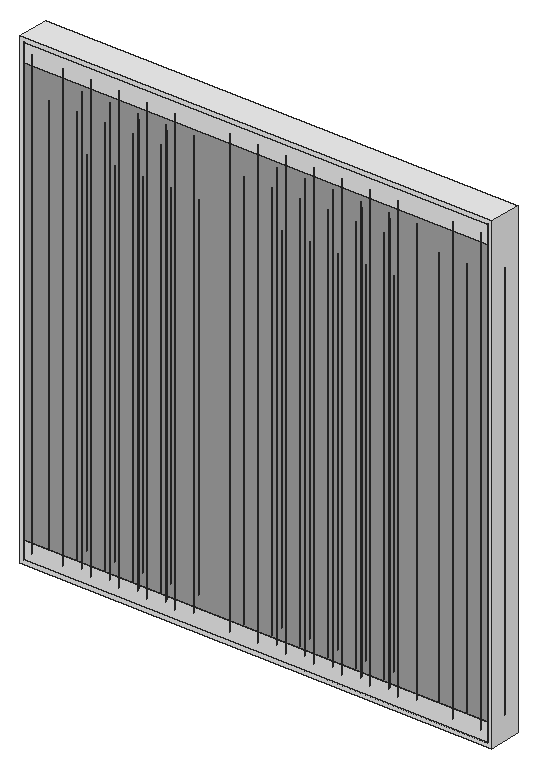
Revit family
Parameters (values of type "Louver_Wind-Drvn-Rn_ECV-445_All-Lite")
  URL = "http://www.alllite-louvers.com"
  Specifications = "http://www.alllite-louvers.com/catalog/AECV-445-csi-specification.doc"
  Spacing = 0.292 ft
  SmartBIM Object Version = 3  # constant formula
  SmartBIM Object Created By = "Reed Construction Data"  # constant formula
  Shim Thickness = 0.042 ft
  Screen Width = Width - (2 * Shim Thickness)  # 4.916 ft
  Screen Height = Height - (2 * 0.239583 ft)  # 4.520833 ft
  Screen = Aluminum
  Rough Width = 0.0 ft
  Rough Height = 0.0 ft
  Product URL = "http://www.alllite-louvers.com/catalog.php?model=ECV-445"
  Pressure Loss (in.wg.) = "0.76"  # constant formula
  OmniClass Title = "Exterior Louvers and Grilles"  # constant formula
  OmniClass Code = "23-60 11 17"  # constant formula
  Model Number = "ECV-445"  # constant formula
  Model = ""
  Minimum Size = "12\" x 12\""
  Maximum Size - Single Section = "60\" x 120\" or 120\" x 60\""
  Maximum Size - Multiple Section = "Unlimited"
  Manufacturer = "All-Lite"  # constant formula
  Louver Height = Height - (2 * Shim Thickness + 0.166667 ft)  # 4.749333 ft
  Louver = Mill finish, 6063-T5 Extruded Aluminum
  Installation = "http://www.alllite-louvers.com/catalog/Installation.pdf"
  Height = 5.0 ft
  Free Area for 48”x48” Louver = "35.6%"
  Free Area Velocity (fpm) = "1,250"  # constant formula
  Free Area (ft²) for 48"x48" Louver = 5.7 ft
  Frame = Mill finish, 6063-T5 Extruded Aluminum
  Default Sill Height = 3.0 ft
  Wall Closure = (empty or 0)
  Width = 5.0 ft
  Cut Sheet = "http://www.alllite-louvers.com/catalog/AECV445.pdf"
  Assembly Code = "B2010300"
  Air Volume Delivered (cfm) = "7,125"  # constant formula
  95 CSI = "10200 "  # constant formula
  04 CSI = "08 91 00"  # constant formula
  # of Louvers = (Height - 0.25 ft) / (Spacing)  # 16
Reference planes (ft)
  plane 1 "Center (Front/Back)": y = 0
  plane 2: z = 0.291667
  plane 3 "Center (Left/Right)": x = 0
  plane 4 "Left": x = -2.5
  plane 5 "Right": x = 2.5
  plane 6 "Sill": z = 3.291667
  plane 7 "Top": z = 8.291667
  plane 8: x = -2.458
  plane 9: x = 2.458
  plane 10: z = 8.249667
  plane 11: z = 3.333667
  plane 12: z = 5.791667
  plane 13: z = 3.417
  plane 14: z = 3.458667
  plane 15: z = 8.166333
  plane 16: z = 8.124667
Forms (ft)
  Sweep 1, solid, material "Mill finish, 6063-T5 Extruded Aluminum" <- "Frame"
    path origin (-5, 0.333333, 0) x (-1, 0, 0) y (0, 0, 1)
      loop
        line (-7.458, 8.249667) -> (-2.542, 8.249667)
    profile "Horizontal Mullion : Horizontal Mullion" origin (0, 0.333333, 8.249667) x (0, 0, 1) y (0, 1, 0)
      loop
        line (0, 0) -> (-0.083333, 0) -> (-0.083333, -0.333419) -> (-0.197917, -0.333419) -> (-0.197917, -0.340169) -> (0, -0.340169) -> (0, -0.298503) -> (-0.00675, -0.298503) -> (-0.00675, -0.333419) -> (-0.076583, -0.333419) -> (-0.076583, -0.006628) -> (-0.00675, -0.006628) -> (-0.00675, -0.041545) -> (0, -0.041545) -> (0, 0)
  Sweep 2, solid, material "Mill finish, 6063-T5 Extruded Aluminum" <- "Frame"
    path origin (-5, 0.333333, 0) x (-1, 0, 0) y (0, 0, 1)
      loop
        line (-7.458, 3.333667) -> (-2.542, 3.333667)
    profile "Horizontal Mullion : Horizontal Mullion" origin (0, 0.333333, 3.333667) x (0, 0, 1) y (0, 1, 0)
      loop
        line (0, 0) -> (0, -0.041545) -> (0.00675, -0.041545) -> (0.00675, -0.006628) -> (0.076583, -0.006628) -> (0.076583, -0.333419) -> (0.00675, -0.333419) -> (0.00675, -0.298503) -> (0, -0.298503) -> (0, -0.340169) -> (0.197917, -0.340169) -> (0.197917, -0.333419) -> (0.083333, -0.333419) -> (0.083333, 0) -> (0, 0)
  Sweep 3, solid, material "Mill finish, 6063-T5 Extruded Aluminum" <- "Frame"
    path origin (-5, 0.333333, 0) x (-1, 0, 0) y (0, 0, 1)
      loop
        line (-7.458, 3.417) -> (-7.458, 8.166333)
    profile "Vertical Mullion : Vertical Mullion" origin (2.458, 0.333333, 5.791667) x (1, 0, 0) y (0, 1, 0)
      loop
        line (0, -0.302083) -> (-0.010417, -0.302083) -> (-0.010417, -0.322917) -> (-0.072917, -0.322917) -> (-0.072917, -0.010417) -> (-0.010417, -0.010417) -> (-0.010417, -0.03125) -> (0, -0.03125) -> (0, 0) -> (-0.083333, 0) -> (-0.083333, -0.333333) -> (0, -0.333333) -> (0, -0.302083)
  Sweep 4, solid, material "Mill finish, 6063-T5 Extruded Aluminum" <- "Frame"
    path origin (5, 0.333333, 0) x (1, 0, 0) y (0, 0, -1)
      loop
        line (-7.458, -3.417) -> (-7.458, -8.166333)
    profile "Vertical Mullion : Vertical Mullion" origin (-2.458, 0.333333, 5.791667) x (1, 0, 0) y (0, 1, 0)
      loop
        line (0, -0.302083) -> (0, -0.333333) -> (0.083333, -0.333333) -> (0.083333, 0) -> (0, 0) -> (0, -0.03125) -> (0.010417, -0.03125) -> (0.010417, -0.010417) -> (0.072917, -0.010417) -> (0.072917, -0.322917) -> (0.010417, -0.322917) -> (0.010417, -0.302083) -> (0, -0.302083)
  Sweep 5, solid, material "Mill finish, 6063-T5 Extruded Aluminum" <- "Frame"
    path origin (-5, 0.333333, 0) x (-1, 0, 0) y (0, 0, 1)
      loop
        line (-2.5, 8.291667) -> (-7.5, 8.291667) -> (-7.5, 3.291667) -> (-2.5, 3.291667) -> (-2.5, 8.291667)
    profile origin (-2.5, 0.333333, 5.791667) x (0, 1, 0) y (-1, 0, 0)
      loop
        line (0, 0) -> (-0.340169, 0) -> (-0.340169, -0.042) -> (0, -0.042) -> (0, 0)
  Extrusion 6, solid, material "Aluminum" <- "Screen"
    sketch origin (-2.374667, 0, 3.417) x (0, 0, 1) y (-1, 0, 0)
      loop
        line (4.63475, 0.083333) -> (0.114583, 0.083333) -> (0.114583, -4.832667) -> (4.63475, -4.832667) -> (4.63475, 0.083333)
    from 0.006836 to 0
Cuts and joins
  joined: Sweep 2, Sweep 3
Lines and regions (ft)
  Opening 1
    outline origin (-5, -0.333333, 0) x (1, 0, 0) y (0, 0, 1)
      loop
        line (2.5, 8.291667) -> (2.5, 3.291667) -> (7.5, 3.291667) -> (7.5, 8.291667) -> (2.5, 8.291667)
  Masking region 1, detail levels coarse+medium
    outline origin (0, 0, 0) x (1, 0, 0) y (0, 1, 0)
      loop
        line (-2.5, 0.333333) -> (-2.5, -0.006836) -> (-2.374667, -0.006836) -> (-2.374667, 0.333333) -> (-2.5, 0.333333)
      loop
        line (2.5, -0.006836) -> (2.5, 0.333333) -> (2.374667, 0.333333) -> (2.374667, -0.006836) -> (2.5, -0.006836)
  Masking region 2, detail levels fine
    outline origin (0, 0, 0) x (1, 0, 0) y (0, 1, 0)
      loop
        line (2.385083, 0.322917) -> (2.447583, 0.322917) -> (2.447583, 0.302083) -> (2.458, 0.302083) -> (2.458, 0.333333) -> (2.374667, 0.333333) -> (2.374667, 0) -> (2.458, 0) -> (2.458, 0.03125) -> (2.447583, 0.03125) -> (2.447583, 0.010417) -> (2.385083, 0.010417) -> (2.385083, 0.322917)
      loop
        line (-2.447583, 0.302083) -> (-2.447583, 0.322917) -> (-2.385083, 0.322917) -> (-2.385083, 0.010417) -> (-2.447583, 0.010417) -> (-2.447583, 0.03125) -> (-2.458, 0.03125) -> (-2.458, 0) -> (-2.374667, 0) -> (-2.374667, 0.333333) -> (-2.458, 0.333333) -> (-2.458, 0.302083) -> (-2.447583, 0.302083)
Text (ft)
  text "EXTERIOR" at (-4.890733, 4.242245, 0), in view "Ref. Level"
  text "INTERIOR" at (-4.890733, -3.147199, 0), in view "Ref. Level"
  text "Exterior" at (0, 3.638026, 10.266337), in view "Left"
  text "Exterior" at (0, 1.524487, 10.420622), in view "Right"
Dimensions and locks (ft)
  equal spacing: plane 4 "Left", plane 3 "Center (Left/Right)", plane 5 "Right"
  "Width": plane 4 "Left" to plane 5 "Right"
  "Height": plane 6 "Sill" to plane 7 "Top"
  "Default Sill Height": plane 2 to plane 6 "Sill"
  "Shim Thickness": plane 4 "Left" to plane 8
  "Shim Thickness": plane 9 to plane 5 "Right"
  "Shim Thickness": plane 10 to plane 7 "Top"
  "Shim Thickness": plane 6 "Sill" to plane 11
  equal spacing: plane 11, plane 12, plane 10
  locked: plane 13 to plane 11 at 0.083333
  locked: plane 14 to plane 13 at 0.041667
  locked: plane 10 to plane 15 at 0.083333
  locked: plane 15 to plane 16 at 0.041667
  Extrusion 6 to plane 6 "Sill" = 0.239917 ft
  equal spacing: group 1, group 3, group 4, group 5, group 6, group 7, group 8, group 9, group 10, group 11, group 12, group 13, group 14, group 15, group 16, group 2
  equal spacing: group 2, group 16, group 15, group 14, group 13, group 12, group 11, group 10, group 9, group 8, group 7, group 6, group 5, group 4, group 3, group 1  (x2)
  aligned and locked: plane 7 "Top" to Opening 1 sketch curve
  aligned and locked: plane 6 "Sill" to Opening 1 sketch curve  (x2)
  aligned and locked: plane 5 "Right" to Opening 1 sketch curve
  aligned and locked: plane 4 "Left" to Opening 1 sketch curve
  aligned and locked: plane 10 to Sweep 1 sketch curve
  aligned and locked: plane 8 to Sweep 1 sketch curve
  aligned and locked: plane 9 to Sweep 1 sketch curve
  aligned and locked: Sweep 2 sketch curve to plane 11
  aligned and locked: plane 9 to Sweep 2 sketch curve
  aligned and locked: plane 8 to Sweep 2 sketch curve
  aligned and locked: plane 9 to Sweep 3 sketch curve
  aligned and locked: Sweep 4 sketch curve to plane 8
  aligned and locked: cut or joined group of Sweep 2, Sweep 3 to Sweep 3 sketch curve
  aligned and locked: Sweep 4 sketch curve to cut or joined group of Sweep 2, Sweep 3
  aligned and locked: Sweep 1 to Sweep 4 sketch curve
  aligned and locked: Sweep 5 sketch curve to plane 4 "Left"
  aligned and locked: Sweep 5 sketch curve to plane 7 "Top"
  aligned and locked: Sweep 5 sketch curve to plane 6 "Sill"
  aligned and locked: Sweep 5 sketch curve to plane 5 "Right"
  aligned and locked: Sweep 5 sketch curve to host wall  (x2)
  aligned and locked: plane 8 to Sweep 5 sketch curve
  aligned and locked: cut or joined group of Sweep 2, Sweep 3 to Sweep 5 sketch curve
  aligned and locked: plane 15 to Sweep 3 sketch curve
  aligned and locked: Extrusion 6 sketch curve to Sweep 1
  aligned and locked: Sweep 5 to Extrusion 6 sketch curve  (x2)
  aligned and locked: Extrusion 6 to cut or joined group of Sweep 2, Sweep 3
  aligned and locked: nested 1 to Sweep 4
  aligned and locked: nested 1 to cut or joined group of Sweep 2, Sweep 3
  aligned and locked: Extrusion 6 to Sweep 4
  aligned and locked: Sweep 5 to Extrusion 6
  aligned and locked: plane 15 to nested 1
  aligned and locked: cut or joined group of Sweep 2, Sweep 3 to nested 2
  aligned and locked: nested 2 to cut or joined group of Sweep 2, Sweep 3
  aligned and locked: Masking region 1 sketch curve to host wall  (x2)
  aligned and locked: Sweep 5 to Masking region 1 sketch curve  (x2)
  aligned and locked: Masking region 1 sketch curve to nested 1
  aligned and locked: Masking region 1 sketch curve to plane 5 "Right"
  aligned and locked: Masking region 1 sketch curve to Sweep 5
  aligned and locked: Masking region 1 sketch curve to nested 2
  aligned and locked: Masking region 2 sketch curve to cut or joined group of Sweep 2, Sweep 3  (x9)
  aligned and locked: Masking region 2 sketch curve to Sweep 5
  aligned and locked: Sweep 5 to Masking region 2 sketch curve  (x2)
  aligned and locked: Masking region 2 sketch curve to plane 9
  aligned and locked: Masking region 2 sketch curve to Sweep 4  (x11)
  aligned and locked: plane 15 to nested 2
Automatic sketch dimensions
  Sweep 4 to Extrusion 6 sketch curve = 0.114583 ft
Nested families (ft)
  nested 1: "Louver" at (-2.374667, 0.162831, 3.417), type "Louver"
    with Louver Height 4.749333 ft
  nested 2: "Louver" at (2.052233, 0.162812, 3.417), type "Louver"
    with Louver Height 4.749333 ft
  nested 3: "Louver" at (-2.07954, 0.162829, 3.417), type "Louver"
    with Louver Height 4.749333 ft
  nested 4: "Louver" at (-1.784413, 0.162828, 3.417), type "Louver"
    with Louver Height 4.749333 ft
  nested 5: "Louver" at (-1.489287, 0.162827, 3.417), type "Louver"
    with Louver Height 4.749333 ft
  nested 6: "Louver" at (-1.19416, 0.162826, 3.417), type "Louver"
    with Louver Height 4.749333 ft
  nested 7: "Louver" at (-0.899033, 0.162825, 3.417), type "Louver"
    with Louver Height 4.749333 ft
  nested 8: "Louver" at (-0.603907, 0.162823, 3.417), type "Louver"
    with Louver Height 4.749333 ft
  nested 9: "Louver" at (-0.30878, 0.162822, 3.417), type "Louver"
    with Louver Height 4.749333 ft
  nested 10: "Louver" at (-0.013653, 0.162821, 3.417), type "Louver"
    with Louver Height 4.749333 ft
  nested 11: "Louver" at (0.281473, 0.16282, 3.417), type "Louver"
    with Louver Height 4.749333 ft
  nested 12: "Louver" at (0.5766, 0.162818, 3.417), type "Louver"
    with Louver Height 4.749333 ft
  nested 13: "Louver" at (0.871727, 0.162817, 3.417), type "Louver"
    with Louver Height 4.749333 ft
  nested 14: "Louver" at (1.166853, 0.162816, 3.417), type "Louver"
    with Louver Height 4.749333 ft
  nested 15: "Louver" at (1.46198, 0.162815, 3.417), type "Louver"
    with Louver Height 4.749333 ft
  nested 16: "Louver" at (1.757106, 0.162813, 3.417), type "Louver"
    with Louver Height 4.749333 ft
Connectors (ft)
  hvac at (0, -0.006836, 5.791667), driven by "Screen Height", driven by "Screen Width"
    settings: on Extrusion 6, index 1
Definition of nested family "Louver"
  Parameters (values of type "Louver")
    Louver Height = 2.75 ft
    Louver = none
    Assembly Code = ""
  Reference planes (ft)
    plane 1 "Center (Front/Back)": y = 0
    plane 2: z = 0
    plane 3 "Center (Left/Right)": x = 0
    plane 4: z = 2.75
    plane 5: x = 0.322434
  Forms (ft)
    Extrusion 1, solid, material <- "Louver"
      sketch origin (0.807392, 0.169183, 0) x (1, 0, 0) y (0, 1, 0)
        loop
          line (-0.539816, -0.32535) -> (-0.628413, -0.262809)
          arc (-0.628413, -0.262809) -> (-0.629514, -0.260758) -> (-0.628535, -0.258645) r 0.002604
          arc (-0.628535, -0.258645) -> (-0.62442, -0.25288) -> (-0.623964, -0.245812) r 0.012917
          arc (-0.623964, -0.245812) -> (-0.627432, -0.243579) -> (-0.629665, -0.247047) r 0.002917
          arc (-0.629665, -0.247047) -> (-0.640651, -0.254349) -> (-0.637547, -0.241528) r 0.007083
          arc (-0.637547, -0.241528) -> (-0.635051, -0.238244) -> (-0.638336, -0.235749) r 0.002917
          arc (-0.638336, -0.235749) -> (-0.644784, -0.238563) -> (-0.6488, -0.24434) r 0.012917
          arc (-0.6488, -0.24434) -> (-0.650463, -0.24597) -> (-0.652764, -0.245619) r 0.002604
          line (-0.652764, -0.245619) -> (-0.755709, -0.17295)
          arc (-0.755709, -0.17295) -> (-0.757914, -0.168695) -> (-0.755709, -0.16444) r 0.005208
          line (-0.755709, -0.16444) -> (-0.653224, -0.092095)
          arc (-0.653224, -0.092095) -> (-0.650923, -0.091745) -> (-0.64926, -0.093375) r 0.002604
          arc (-0.64926, -0.093375) -> (-0.645244, -0.099151) -> (-0.638796, -0.101966) r 0.012917
          arc (-0.638796, -0.101966) -> (-0.635512, -0.099471) -> (-0.638007, -0.096186) r 0.002917
          arc (-0.638007, -0.096186) -> (-0.641111, -0.083366) -> (-0.630125, -0.090668) r 0.007083
          arc (-0.630125, -0.090668) -> (-0.627892, -0.094136) -> (-0.624424, -0.091903) r 0.002917
          arc (-0.624424, -0.091903) -> (-0.62488, -0.084834) -> (-0.628995, -0.079069) r 0.012917
          arc (-0.628995, -0.079069) -> (-0.629974, -0.076957) -> (-0.628873, -0.074906) r 0.002604
          line (-0.628873, -0.074906) -> (-0.569617, -0.033077)
          arc (-0.569617, -0.033077) -> (-0.568189, -0.032367) -> (-0.566613, -0.032123) r 0.005208
          line (-0.566613, -0.032123) -> (-0.522709, -0.032123)
          arc (-0.522709, -0.032123) -> (-0.519026, -0.030598) -> (-0.517501, -0.026915) r 0.005208
          line (-0.517501, -0.026915) -> (-0.517501, -0.01204) -> (-0.49762, -0.01204)
          arc (-0.49762, -0.01204) -> (-0.495435, -0.01252) -> (-0.493653, -0.013873) r 0.005208
          arc (-0.493653, -0.013873) -> (-0.484959, -0.012683) -> (-0.489687, -0.00529) r 0.005208
          line (-0.489687, -0.00529) -> (-0.535501, -0.00529) -> (-0.535501, -0.01204) -> (-0.524251, -0.01204) -> (-0.524251, -0.022665)
          arc (-0.524251, -0.022665) -> (-0.525044, -0.02458) -> (-0.526959, -0.025373) r 0.002708
          line (-0.526959, -0.025373) -> (-0.565709, -0.025373)
          arc (-0.565709, -0.025373) -> (-0.567624, -0.02458) -> (-0.568417, -0.022665) r 0.002708
          line (-0.568417, -0.022665) -> (-0.568417, -0.01204) -> (-0.557167, -0.01204) -> (-0.557167, -0.00529) -> (-0.563917, -0.00529) -> (-0.569959, -0.00529)
          arc (-0.569959, -0.00529) -> (-0.573642, -0.006815) -> (-0.575167, -0.010498) r 0.005208
          line (-0.575167, -0.010498) -> (-0.575167, -0.026034)
          arc (-0.575167, -0.026034) -> (-0.575751, -0.02843) -> (-0.577372, -0.030289) r 0.005208
          line (-0.577372, -0.030289) -> (-0.768002, -0.164855)
          arc (-0.768002, -0.164855) -> (-0.76943, -0.165564) -> (-0.771005, -0.165808) r 0.005208
          line (-0.771005, -0.165808) -> (-0.804017, -0.165808)
          arc (-0.804017, -0.165808) -> (-0.807392, -0.169183) -> (-0.804017, -0.172558) r 0.003375
          line (-0.804017, -0.172558) -> (-0.769622, -0.172558)
          arc (-0.769622, -0.172558) -> (-0.768046, -0.172802) -> (-0.766618, -0.173512) r 0.005208
          line (-0.766618, -0.173512) -> (-0.543309, -0.331147)
          arc (-0.543309, -0.331147) -> (-0.541881, -0.331856) -> (-0.540305, -0.3321) r 0.005208
          line (-0.540305, -0.3321) -> (-0.517503, -0.3321) -> (-0.489687, -0.3321)
          arc (-0.489687, -0.3321) -> (-0.484959, -0.324707) -> (-0.493653, -0.323517) r 0.005208
          arc (-0.493653, -0.323517) -> (-0.495435, -0.324869) -> (-0.49762, -0.32535) r 0.005208
          line (-0.49762, -0.32535) -> (-0.517503, -0.32535) -> (-0.539816, -0.32535)
      from 0 to 2.75
  Dimensions and locks (ft)
    "Louver Height": plane 4 to level
    locked: plane 3 "Center (Left/Right)" to plane 5 at 0.322434
    aligned and locked: plane 4 to Extrusion 1
    aligned and locked: Extrusion 1 to plane 2
  Automatic sketch dimensions
    Extrusion 1 sketch curve to Extrusion 1 sketch curve = 0.0 ft  (x25)
    Extrusion 1 sketch curve to plane 1 "Center (Front/Back)" = 0.003375 ft
    plane 3 "Center (Left/Right)" to Extrusion 1 sketch curve = 0.003375 ft
    Extrusion 1 sketch curve to Extrusion 1 sketch curve = 0.033012 ft
    Extrusion 1 sketch curve to Extrusion 1 sketch curve = 0.001383 ft
    plane 1 "Center (Front/Back)" to Extrusion 1 sketch curve = 0.004328 ft
    Extrusion 1 sketch curve to Extrusion 1 sketch curve = 0.003004 ft  (x6)
    Extrusion 1 sketch curve to plane 1 "Center (Front/Back)" = 0.004328 ft
    Extrusion 1 sketch curve to Extrusion 1 sketch curve = 0.012292 ft
    Extrusion 1 sketch curve to Extrusion 1 sketch curve = 0.102485 ft
    Extrusion 1 sketch curve to Extrusion 1 sketch curve = 0.102945 ft
    Extrusion 1 sketch curve to Extrusion 1 sketch curve = 0.001502 ft  (x2)
    Extrusion 1 sketch curve to Extrusion 1 sketch curve = 0.002462 ft  (x2)
    Extrusion 1 sketch curve to Extrusion 1 sketch curve = 0.010464 ft  (x2)
    Extrusion 1 sketch curve to Extrusion 1 sketch curve = 0.000395 ft  (x2)
    Extrusion 1 sketch curve to Extrusion 1 sketch curve = 0.000959 ft  (x2)
    Extrusion 1 sketch curve to Extrusion 1 sketch curve = 0.006923 ft  (x2)
    Extrusion 1 sketch curve to Extrusion 1 sketch curve = 0.00113 ft  (x2)
    Extrusion 1 sketch curve to plane 1 "Center (Front/Back)" = 0.094277 ft
    Extrusion 1 sketch curve to Extrusion 1 sketch curve = 0.000122 ft  (x2)
    plane 1 "Center (Front/Back)" to Extrusion 1 sketch curve = 0.093626 ft
    Extrusion 1 sketch curve to Extrusion 1 sketch curve = 0.001624 ft  (x2)
    Extrusion 1 sketch curve to Extrusion 1 sketch curve = 0.002851 ft  (x2)
    Extrusion 1 sketch curve to Extrusion 1 sketch curve = 0.048497 ft
    Extrusion 1 sketch curve to Extrusion 1 sketch curve = 0.002205 ft
    Extrusion 1 sketch curve to Extrusion 1 sketch curve = 0.005208 ft  (x2)
    Extrusion 1 sketch curve to plane 1 "Center (Front/Back)" = 0.136107 ft
    Extrusion 1 sketch curve to Extrusion 1 sketch curve = 0.007755 ft
    Extrusion 1 sketch curve to Extrusion 1 sketch curve = 0.001542 ft  (x3)
    Extrusion 1 sketch curve to Extrusion 1 sketch curve = 0.002708 ft  (x2)
    Extrusion 1 sketch curve to Extrusion 1 sketch curve = 0.006042 ft
    Extrusion 1 sketch curve to Extrusion 1 sketch curve = 0.00675 ft  (x2)
    Extrusion 1 sketch curve to Extrusion 1 sketch curve = 0.085104 ft
    Extrusion 1 sketch curve to Extrusion 1 sketch curve = 0.003493 ft
    Extrusion 1 sketch curve to plane 1 "Center (Front/Back)" = 0.163893 ft
    Extrusion 1 sketch curve to Extrusion 1 sketch curve = 0.021667 ft
    Extrusion 1 sketch curve to Extrusion 1 sketch curve = 0.008542 ft
    Extrusion 1 sketch curve to Extrusion 1 sketch curve = 0.00425 ft
    Extrusion 1 sketch curve to Extrusion 1 sketch curve = 0.022313 ft
    Extrusion 1 sketch curve to Extrusion 1 sketch curve = 0.01988 ft
    Extrusion 1 sketch curve to Extrusion 1 sketch curve = 0.019883 ft
    Extrusion 1 sketch curve to Extrusion 1 sketch curve = 0.003967 ft  (x4)
    Extrusion 1 sketch curve to Extrusion 1 sketch curve = 0.057333 ft
    Extrusion 1 sketch curve to Extrusion 1 sketch curve = 0.003375 ft
    Extrusion 1 sketch curve to Extrusion 1 sketch curve = 0.002127 ft
    Extrusion 1 sketch curve to Extrusion 1 sketch curve = 0.004255 ft  (x3)
    Extrusion 1 sketch curve to Extrusion 1 sketch curve = 0.000562 ft
    Extrusion 1 sketch curve to Extrusion 1 sketch curve = 0.00289 ft
    Extrusion 1 sketch curve to Extrusion 1 sketch curve = 0.002788 ft
    Extrusion 1 sketch curve to Extrusion 1 sketch curve = 0.011958 ft
    Extrusion 1 sketch curve to Extrusion 1 sketch curve = 0.010625 ft
